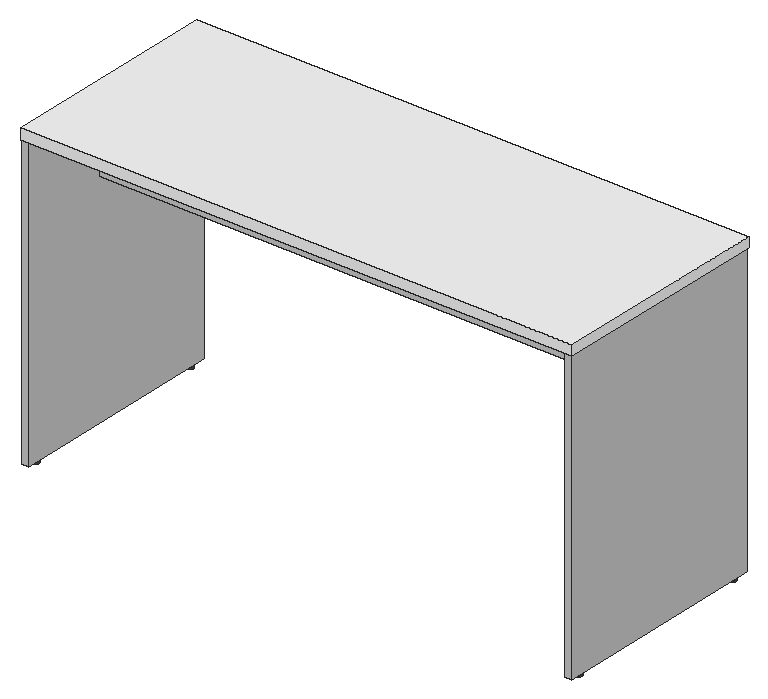
Revit family "Deck Panel Ended 800 Deep 1100 High", category Furniture, Revit 2016
Family settings
  OmniClass Number = 23.40.20.00
  OmniClass Title = General Furniture and Specialties
  Work Plane-Based = No
  Always vertical = Yes
  Cut with Voids When Loaded = No
  Shared = No
  Room Calculation Point = No
Parameters (values of type "2000 x 800")
  Width = 2000 mm
  URL = "www.gof.co.uk"
  Type Comments = ""
  Side Panels = Gresham - Grey MFC
  Range = "DECK"
  Product Code = "DCPTM20"
  Table Top = Gresham - White MFC
  Modesty Panel = Gresham - Grey MFC
  Model = ""
  Manufacturer = "Gresham Office Furniture"  # constant formula
  Foot = Gresham - Black Plastic
  Assembly Code = "E2020200"
Types (4, lengths in mm): name | Width | Product Code
  (no name) | 2000 | "DCPTM20"
  1600 x 800 | 1600 | "DCPTM16"
  1800 x 800 | 1800 | "DCPTM18"
  2000 x 800 | 2000 | "DCPTM20"
Reference planes
  plane 1 "Center (Front/Back)": y = 0
  plane 2: z = 0
  plane 3 "Center (Left/Right)": x = 0
  plane 4: x = -1000
  plane 5: x = 1000
  plane 6 "Table Underside": z = 1064
  plane 7: y = 400
  plane 8: y = -400
  plane 9 "Foot": z = 10
  plane 10 "Modesty Panel": z = 814
  plane 11: y = 62.5
  plane 12: y = -62.5
Forms (mm)
  Extrusion 1, solid, material "Gresham - Black Plastic"
    sketch origin (474.491, 484.546, 0) x (0.707107, -0.707107, 0) y (0.707107, 0.707107, 0)
      loop
        circle (950.744, -229.482) r 12
      loop
        circle (455.769, 265.493) r 12
    from 0 to 5
  Extrusion 2, solid, material "Gresham - White MFC" <- "Table Top"
    sketch origin (0, 0, 1064) x (-1, 0, 0) y (0, -1, 0)
      loop
        line (-1000, -400) -> (1000, -400) -> (1000, 400) -> (-1000, 400) -> (-1000, -400)
    from 0 to 36
  Extrusion 3, solid, material "Gresham - Grey MFC" <- "Side Panels"
    sketch origin (997, -1.506, 0) x (0, -1, 0) y (0, 0, 1)
      loop
        line (-399.506, 1064) -> (-399.506, 10) -> (396.494, 10) -> (396.494, 1064) -> (-399.506, 1064)
    from 0 to 25
  Extrusion 4, solid, material "Gresham - Silver Metal"
    sketch origin (0, 0, 10) x (-1, 0, 0) y (0, -1, 0)
      loop
        circle (-984.5, 350) r 5
      loop
        circle (-984.5, -350) r 5
    from -5 to 0
  Extrusion 5, solid, material "Gresham - Black Plastic"
    sketch origin (-474.491, 484.546, 0) x (-0.707107, -0.707107, 0) y (0.707107, -0.707107, 0)
      loop
        circle (950.744, 229.482) r 12
      loop
        circle (455.769, -265.493) r 12
    from 0 to 5
  Extrusion 6, solid, material "Gresham - Grey MFC" <- "Side Panels"
    sketch origin (-997, -1.506, 0) x (0, -1, 0) y (0, 0, -1)
      loop
        line (-399.506, -1064) -> (396.494, -1064) -> (396.494, -10) -> (-399.506, -10) -> (-399.506, -1064)
    from 0 to 25
  Extrusion 7, solid, material "Gresham - Silver Metal"
    sketch origin (0, 0, 10) x (1, 0, 0) y (0, 1, 0)
      loop
        circle (-984.5, -350) r 5
      loop
        circle (-984.5, 350) r 5
    from -5 to 0
  Extrusion 8, solid, material "Gresham - Grey MFC" <- "Modesty Panel"
    sketch origin (0, 0, 814) x (0, -1, 0) y (1, 0, 0)
      loop
        line (62.5, 972) -> (62.5, -972) -> (80.5, -972) -> (80.5, 972) -> (62.5, 972)
      loop
        line (-62.5, -972) -> (-62.5, 972) -> (-80.5, 972) -> (-80.5, -972) -> (-62.5, -972)
    from 0 to 250
Dimensions and locks
  locked: plane 6 "Table Underside" to plane 2 at 1064
  equal spacing: plane 4, plane 3 "Center (Left/Right)", plane 5
  "Width": plane 4 to plane 5
  equal spacing: plane 7, plane 1 "Center (Front/Back)", plane 8
  plane 7 to plane 8 = 800 mm
  locked: Extrusion 2 to level at 1100
  locked: plane 10 "Modesty Panel" to plane 6 "Table Underside" at 250
  locked: Extrusion 3 to Extrusion 3 at 25
  locked: plane 7 to Extrusion 3 at 2
  locked: Extrusion 3 to plane 8 at 2
  locked: plane 9 "Foot" to plane 2 at 10
  locked: Extrusion 1 sketch curve to plane 8 at 50
  locked: plane 7 to Extrusion 1 sketch curve at 50
  locked: Extrusion 4 sketch curve to plane 8 at 50
  locked: plane 7 to Extrusion 4 sketch curve at 50
  locked: Extrusion 3 to plane 5 at 3
  locked: Extrusion 6 to Extrusion 6 at 25
  locked: plane 4 to Extrusion 6 at 3
  equal spacing: plane 12, plane 1 "Center (Front/Back)", plane 11
  plane 11 to plane 12 = 125 mm
  locked: Extrusion 2 to Extrusion 2 at 36
  radius of Extrusion 1 sketch curve = 12 mm  (x2)
  radius of Extrusion 4 sketch curve = 5 mm
  radius of Extrusion 5 sketch curve = 12 mm  (x2)
  radius of Extrusion 7 sketch curve = 5 mm
  aligned and locked: level to plane 2
  aligned and locked: Extrusion 2 to plane 8
  aligned and locked: plane 7 to Extrusion 2
  aligned and locked: Extrusion 2 sketch curve to plane 4
  aligned and locked: Extrusion 2 sketch curve to plane 8
  aligned and locked: Extrusion 2 sketch curve to plane 5
  aligned and locked: plane 7 to Extrusion 2 sketch curve
  aligned and locked: Extrusion 3 to plane 9 "Foot"
  aligned and locked: plane 9 "Foot" to Extrusion 4
  aligned and locked: Extrusion 8 to Extrusion 3  (x2)
  aligned and locked: Extrusion 8 to Extrusion 6  (x2)
  aligned and locked: plane 6 "Table Underside" to Extrusion 8
  aligned and locked: Extrusion 2 to plane 6 "Table Underside"
Automatic sketch dimensions
  plane 5 to Extrusion 1 sketch curve = 15.5 mm
  Extrusion 1 sketch curve to Extrusion 1 sketch curve = 494.975 mm
  Extrusion 3 sketch curve to plane 9 "Foot" = 0 mm
  Extrusion 3 sketch curve to plane 6 "Table Underside" = 0 mm
  Extrusion 3 sketch curve to plane 7 = 2 mm
  plane 8 to Extrusion 3 sketch curve = 2 mm
  plane 5 to Extrusion 4 sketch curve = 15.5 mm  (x2)
  Extrusion 5 sketch curve to plane 4 = 15.5 mm
  plane 7 to Extrusion 5 sketch curve = 50 mm
  Extrusion 5 sketch curve to Extrusion 5 sketch curve = 494.975 mm  (x2)
  Extrusion 6 sketch curve to plane 9 "Foot" = 0 mm
  Extrusion 6 sketch curve to plane 6 "Table Underside" = 0 mm
  Extrusion 6 sketch curve to plane 7 = 2 mm
  plane 8 to Extrusion 6 sketch curve = 2 mm
  Extrusion 7 sketch curve to plane 4 = 15.5 mm  (x2)
  plane 7 to Extrusion 7 sketch curve = 50 mm
  Extrusion 7 sketch curve to plane 8 = 50 mm
  Extrusion 8 sketch curve to plane 11 = 0 mm
  plane 12 to Extrusion 8 sketch curve = 0 mm
  Extrusion 8 sketch curve to Extrusion 8 sketch curve = 18 mm
  plane 12 to Extrusion 8 sketch curve = 18 mm
  plane 4 to Extrusion 8 sketch curve = 28 mm  (x2)
  plane 5 to Extrusion 8 sketch curve = 28 mm  (x2)
  radius of Extrusion 4 sketch curve = 5 mm
  radius of Extrusion 7 sketch curve = 5 mm
